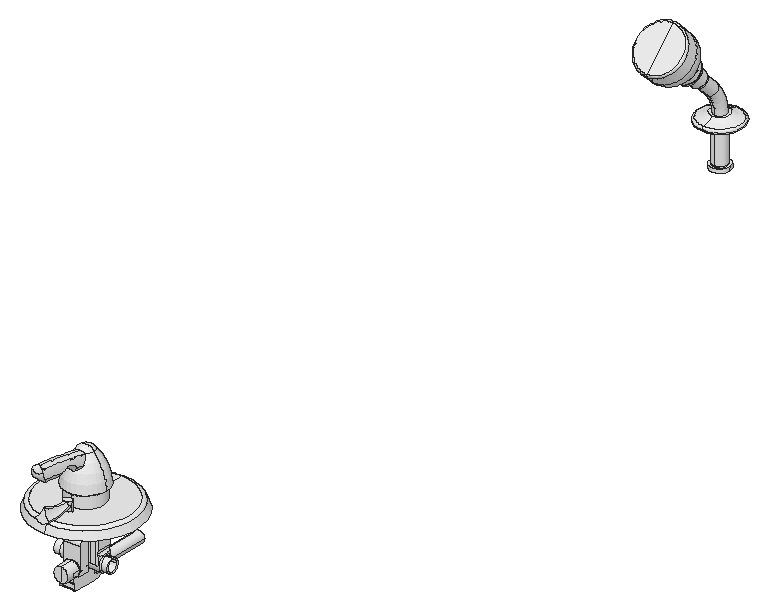
Revit family "S-9601-PLR", category Plumbing Fixtures, host Face, Revit 2019
Family settings
  Host = Face
  Round Connector Dimension = Use Diameter
  Part Type = Normal
  OmniClass Number = 23.65.70.11.11
  OmniClass Title = Fixtures for Liquids
  Cut with Voids When Loaded = No
  Shared = No
  Room Calculation Point = No
Parameters (values of type "1.2 GPM Flow Restrictor, Chrome")
  z Wide Lever = 0
  z Visibility = no
  z Valve = M Valve&diverter : Chrome
  z Type Model = 0
  z Type GPM = 0
  z Type Finish = 0
  z Type = 0
  z Slip On Tub = 0
  z Showerhead = shower head : Chrome
  z Reverse Core = 0
  z Pipe Radius = 0.000"
  z Overall Width = 0.000"
  z Overall Height = 0.000"
  z Overall Depth = 0.000"
  z Offset = 0.000"
  z Integral Service Stops = 0
  z Has Wide Lever Handle = no
  z Has Volume Control = no
  z Has Trim = no
  z Has Slip On Tub Spout = no
  z Has Showerhead = no
  z Has Reverse Core = no
  z Has Rebuild Kit Trim Only = no
  z Has Integral Service Stops = no
  z Has Check Stops = no
  z Has 2.0 GPM Flow Restrictor = no
  z Has 1.5 GPM Flow Restrictor = no
  z Has .5 Inch Female Connections = no
  z GPM Number = 0
  z GPM GPM = 0.000 GPM
  z Flow Rate = 0
  z Error Box Width = 0.000"
  z Error Box Height = 0.000"
  z Error Box Depth = 0.000"
  z .5 Inch Female Connections = 0
  z  Showerhead = 0
  Waste Connection = no
  Vent Connection = no
  URL = ""
  Product Material = Chrome - Symmons - Polished
  Model = ""
  Manufacturer = ""
  HW Connection = no
  Gallons Per Minute = 0.000 GPM
  Description = ""
  Default Elevation = 0.000"
  Date Modified = ""
  Date Created = ""
  CW Connection = no
Types (8): name | z Visibility | z Has Wide Lever Handle | z Has Volume Control | z Has Slip On Tub Spout | z Has Showerhead | z Has Reverse Core | z Has Integral Service Stops | z Has Check Stops | z Has 2.0 GPM Flow Restrictor | z Has 1.5 GPM Flow Restrictor | z Has .5 Inch Female Connections | Product Material | Gallons Per Minute
  1.2 GPM Flow Restrictor, Chrome | no | no | no | no | no | no | no | no | no | no | no | Chrome - Symmons - Polished | 0.000 GPM
  1.2 GPM Flow Restrictor, Satin Nickel | yes | yes | yes | yes | yes | yes | yes | yes | yes | yes | yes | Nickel - Symmons - Satin | 1.200 GPM
  1.5 GPM Flow Restrictor, Satin Nickel | yes | yes | yes | yes | yes | yes | yes | yes | yes | yes | yes | Nickel - Symmons - Satin | 1.500 GPM
  1.75 GPM Flow Restrictor, Satin Nickel | yes | yes | yes | yes | yes | yes | yes | yes | yes | yes | yes | Nickel - Symmons - Satin | 1.750 GPM
  2.0 GPM Flow Restrictor, Satin Nickel | yes | yes | yes | yes | yes | yes | yes | yes | yes | yes | yes | Nickel - Symmons - Satin | 0.000 GPM
  1.5 GPM Flow Restrictor, Chrome | yes | yes | yes | yes | yes | yes | yes | yes | yes | yes | yes | Chrome - Symmons - Polished | 1.500 GPM
  1.75 GPM Flow Restrictor, Chrome | yes | yes | yes | yes | yes | yes | yes | yes | yes | yes | yes | Chrome - Symmons - Polished | 1.750 GPM
  2.0 GPM Flow Restrictor, Chrome | yes | yes | yes | yes | yes | yes | yes | yes | yes | yes | yes | Chrome - Symmons - Polished | 2.000 GPM
Reference planes (in)
  plane 1 "Center (Front/Back)": y = 0
  plane 2 "Center (Elevation)": z = 0
  plane 3 "Center (Left/Right)": x = 0
  plane 4: x = -3.75
  plane 5: y = 28.5
  plane 6: x = 3.75
  plane 7: z = 0
  plane 8: z = 9.325
  plane 9: y = -12
  plane 10: y = 45
  plane 11: z = 0
Dimensions and locks (in)
  equal spacing: plane 4, plane 3 "Center (Left/Right)", plane 6
  plane 4 to plane 6 = 7.500"
  plane 5 to plane 1 "Center (Front/Back)" = 28.500"
  plane 7 to plane 2 "Center (Elevation)" = 0.000"
  plane 8 to plane 7 = 9.325"
  locked: plane 1 "Center (Front/Back)" to plane 9 at 12
  locked: plane 10 to plane 1 "Center (Front/Back)" at 45
  plane 11 to plane 7 = 0.000"
  plane 10 to plane 9 = 57.000"
  aligned and locked: plane 2 "Center (Elevation)" to host face
  aligned and locked: level to host face
Automatic sketch dimensions
  host sketch curve to host sketch curve = 7.44425"
  host sketch curve to host sketch curve = 60.71207"
Nested families (in)
  nested 1: "shower head" at (0, 44.98453, 0), type "Chrome"
    with z Pipe Radius 0.250", z Overall Width 2.500", z Overall Height 2.500", z Overall Depth 7.500", z Offset 1.000", Part Number "", Part Description "Single Mode Showerhead, 2.0 Flow Rate Restrictor, Chrome", Equipment Number ""
  nested 2: "M Valve&diverter" at (-0.00649, 0.06617, 0), type "Satin Nickel"
    with zz Length 9 4.000", zz Length 10 0.100", Part Number "3500-CYL-B", Part Description "Shower Valve System with Symmons Temptrol mixing valve,Chrome", Equipment Number ""
Connectors (in)
  piping at (-0.06456, 3.81617, -3.0625), diameter 0.5
    settings: on nested 2, index 2, connector inside diameter 24", connector length 0.000", flow factor 0, pipe flow 0.000 GPM, pressure drop 0.00 psi, fitting loss kfactor 0, connector angle 0.000°, fixture units 0, engagement length 0.000", angle of deflection 0.000°, flow configuration 0, flow direction 2, fitting loss method 0, system type 29, joint type 0, gender type 0, connector reference index -1, connector utility 0, adjustable connector no, is connector primary yes, connector description "Mixed Water Out"
  piping at (0, 44.98453, -2.375), diameter 0.5
    settings: on nested 1, index 3, connector inside diameter 24", connector length 0.000", flow factor 0, pipe flow 0.000 GPM, pressure drop 0.00 psi, fitting loss kfactor 0, connector angle 0.000°, fixture units 0, engagement length 0.000", angle of deflection 0.000°, flow configuration 0, flow direction 1, fitting loss method 0, system type 29, joint type 0, gender type 0, connector reference index -1, connector utility 0, adjustable connector no, is connector primary no, connector description "Shower Head Supply"
  piping at (-0.00649, -1.68583, -2.59375), diameter 0.5
    settings: on nested 2, index 4, connector inside diameter 24", connector length 0.000", flow factor 0, pipe flow 0.000 GPM, pressure drop 0.00 psi, fitting loss kfactor 0, connector angle 0.000°, fixture units 0, engagement length 0.000", angle of deflection 0.000°, flow configuration 0, flow direction 1, fitting loss method 0, system type 22, joint type 0, gender type 0, connector reference index -1, connector utility 0, adjustable connector no, is connector primary no, connector description "Tub Spout Supply"
  piping at (-1.50649, 0.12939, -2.3711), diameter 0.5
    settings: on nested 2, index 5, connector inside diameter 24", connector length 0.000", flow factor 0, pipe flow 0.000 GPM, pressure drop 0.00 psi, fitting loss kfactor 0, connector angle 0.000°, fixture units 0, engagement length 0.000", angle of deflection 0.000°, flow configuration 0, flow direction 1, fitting loss method 0, system type 20, joint type 0, gender type 0, connector reference index -1, connector utility 0, adjustable connector no, is connector primary no, connector description "Cold Water Supply"
  piping at (1.49351, 0.00028, -2.3711), diameter 0.5
    settings: on nested 2, index 6, connector inside diameter 24", connector length 0.000", flow factor 0, pipe flow 0.000 GPM, pressure drop 0.00 psi, fitting loss kfactor 0, connector angle 0.000°, fixture units 0, engagement length 0.000", angle of deflection 0.000°, flow configuration 0, flow direction 1, fitting loss method 0, system type 19, joint type 0, gender type 0, connector reference index -1, connector utility 0, adjustable connector no, is connector primary no, connector description "Hot Water Supply"
Definition of nested family "shower head"
  Parameters (values of type "Chrome")
    z Type GPM = 0
    z Type Flow Restrictor = 0
    z Type Finish = 0
    z Pipe Radius [instance] = 0.000"
    z Overall Width [instance] = 2.500"
    z Overall Height [instance] = 2.500"
    z Overall Depth [instance] = 7.500"
    z Offset [instance] = 1.000"
    z GPM Number = 0
    z GPM GPM = 0.000 GPM
    URL = ""
    Product Page URL = ""
    Product Material = none
    Product Documentation Link = ""
    Part Number [instance] = ""
    Part Description [instance] = ""
    Model Disclaimer = ""
    Model = ""
    Manufacturer = ""
    Gallons Per Minute = 0.000 GPM
    Family Version = ""
    Equipment Number [instance] = ""
    Equipment Abbreviation = ""
    Description = ""
    Default Elevation = 0.000"
    Date Modified = ""
    Date Created = ""
    Copyright = ""
  Types (2): name | z Pipe Radius
    Chrome | 0.000"
    Satin Nickel | 0.250"
  Reference planes (in)
    plane 1 "Center (Front/Back)": y = 0
    plane 2 "Center (Elevation)": z = 0
    plane 3 "Center (Left/Right)": x = 0
    plane 4: x = -1.25
    plane 5: y = 1.25
    plane 6: y = -1.25
    plane 7: x = 1.25
    plane 8: z = -1
    plane 9: z = 6.5
    plane 10: z = 0
    plane 11: y = -0.5
    plane 12: z = 0.33234
    plane 13: z = 0.15
    plane 14: y = -0.5695
  Forms (in)
    Extrusion 1, solid
      sketch origin (0, 0, 0) x (1, 0, 0) y (0, 1, 0)
        loop
          line (-1.75, 1.5) -> (-1.75, -1.77927) -> (1.52741, -1.77927) -> (1.52741, 1.5) -> (-1.75, 1.5)
      from 0 to -0.35383
    Revolve 2, solid, material <- "Product Material"
      sketch origin (0, 0, 0) x (0, 1, 0) y (0, 0, 1)
        loop
          line (0, 0.43) -> (-0.531, 0.43)
          arc (-0.531, 0.43) -> (-0.83077, 0.27718) -> (-1.152, 0.17705) r 1.98967
          arc (-1.152, 0.17705) -> (-1.22247, 0.13328) -> (-1.25, 0.05503) r 0.12497
          line (-1.25, 0.05503) -> (-1.25, 0) -> (-0.40524, 0) -> (-0.40524, -2.0983) -> (-0.37019, -2.11854) -> (-0.40524, -2.1364) -> (-0.40524, -2.16734) -> (-0.37033, -2.1875) -> (0, -2.1875) -> (0, 0.43)
        axis (0, -2.1875) -> (0, 0.43)
      angle from 0 to 360
    Revolve 3, solid, material <- "Product Material"
      sketch origin (0, 0, 0) x (0, 1, 0) y (0, 0, 1)
        loop
          line (-1.44893, 2.69442) -> (-4.27736, 5.52285) -> (-5.19512, 4.60509)
          arc (-5.19512, 4.60509) -> (-5.20669, 4.53512) -> (-5.17463, 4.47185) r 0.11397
          line (-5.17463, 4.47185) -> (-4.60328, 3.9005)
          arc (-4.60328, 3.9005) -> (-4.06, 3.55859) -> (-3.42138, 3.49354) r 1.40724
          arc (-3.42138, 3.49354) -> (-3.29656, 3.50007) -> (-3.18333, 3.44713) r 0.25784
          arc (-3.18333, 3.44713) -> (-3.16288, 3.42915) -> (-3.13674, 3.43676) r 0.02828
          line (-3.13674, 3.43676) -> (-3.09845, 3.47505) -> (-3.07648, 3.45308) -> (-3.11506, 3.4145) -> (-3.11506, 3.38343) -> (-3.08249, 3.416) -> (-3.02529, 3.4439) -> (-3.05483, 3.38834) -> (-3.03131, 3.36481) -> (-2.98876, 3.40736) -> (-2.96619, 3.38479) -> (-3.04685, 3.30413) -> (-2.85198, 3.10926) -> (-2.68557, 3.27567) -> (-2.66164, 3.24392) -> (-2.68364, 3.22193) -> (-2.636, 3.17429) -> (-2.67763, 3.13266) -> (-2.65558, 3.11061) -> (-2.7474, 3.01878)
          arc (-2.7474, 3.01878) -> (-2.70574, 3.00152) -> (-2.66407, 3.01878) r 0.05892
          line (-2.66407, 3.01878) -> (-2.54206, 3.14079)
          arc (-2.54206, 3.14079) -> (-2.44086, 3.09588) -> (-2.33184, 3.07652) r 0.45876
          line (-2.33184, 3.07652) -> (-2.26301, 3.00769) -> (-2.32244, 2.90048) -> (-1.92136, 2.49939) -> (-1.87345, 2.54729) -> (-1.85127, 2.52511) -> (-1.80643, 2.53464) -> (-1.81792, 2.49176) -> (-1.79616, 2.47) -> (-1.75329, 2.48149) -> (-1.76477, 2.43861) -> (-1.73476, 2.4086) -> (-1.44893, 2.69442)
        axis (-1.44893, 2.69442) -> (-4.27736, 5.52285)
      angle from 0 to 360
    Sweep 4, solid, material <- "Product Material"
      path origin (0, 0, 0) x (0, 1, 0) y (0, 0, 1)
        loop
          line (-1.4794, 2.72506) -> (-0.65089, 1.89655)
          arc (-0.65089, 1.89655) -> (-0.1891, 1.22379) -> (0, 0.43) r 2.23181
      profile origin (0, -1.06515, 2.3108) x (0, 0.707107, 0.707107) y (1, 0, 0)
        loop
          circle (-0.00012, 0) r 0.35413
    Extrusion 5, solid, material <- "Product Material"
      sketch origin (0, 0, 0) x (1, 0, 0) y (0, 1, 0)
        loop
          circle (0, 0) r 0.40524
        loop
          circle (0, 0) r 0.54462
      from -2.375 to -2.1875
  Lines and regions (in)
    Masking region 1
      outline origin (0, 0, 0) x (1, 0, 0) y (0, 0, 1)
        loop
          line (-1.25, 0) -> (-0.5, 0) -> (-0.5, -1) -> (0.5, -1) -> (0.5, 0) -> (1.25, 0) -> (1.25, 0.14959) -> (0.5695, 0.33234) -> (0.5, 0.33234) -> (0.5, 6.26256)
          spline (0.5, 6.26256) -> (0.53792, 6.27801) -> (0.5732, 6.29456) -> (0.60567, 6.31211) -> (0.63516, 6.33059) -> (0.66153, 6.3499) -> (0.68465, 6.36995) -> (0.70441, 6.39063) -> (0.72072, 6.41185) -> (0.73348, 6.43351) -> (0.74264, 6.45549) -> (0.74816, 6.47769) -> (0.75, 6.5)
          line (0.75, 6.5) -> (0.75, 7.07479) -> (1.25, 7.36347) -> (1.49591, 7.60938) -> (1.49591, 8.60938)
          spline (1.49591, 8.60938) -> (1.44494, 8.76866) -> (1.2955, 8.91709) -> (1.05777, 9.04454) -> (0.74795, 9.14235) -> (0.38717, 9.20383) -> (0, 9.2248) -> (-0.38717, 9.20383) -> (-0.74795, 9.14235) -> (-1.05777, 9.04454) -> (-1.2955, 8.91709) -> (-1.44494, 8.76866) -> (-1.49591, 8.60938)
          line (-1.49591, 8.60938) -> (-1.49591, 7.60938) -> (-1.25, 7.36347) -> (-0.75, 7.07479) -> (-0.75, 6.5)
          spline (-0.75, 6.5) -> (-0.74816, 6.47769) -> (-0.74264, 6.45549) -> (-0.73348, 6.43351) -> (-0.72072, 6.41185) -> (-0.70441, 6.39063) -> (-0.68465, 6.36995) -> (-0.66153, 6.3499) -> (-0.63516, 6.33059) -> (-0.60567, 6.31211) -> (-0.5732, 6.29456) -> (-0.53792, 6.27801) -> (-0.5, 6.26256)
          line (-0.5, 6.26256) -> (-0.5, 0.33234) -> (-0.5695, 0.33234) -> (-1.25, 0.14959) -> (-1.25, 0)
    symbolic lines, detail levels fine
      curve 1: line (-0.5, 0, 0.33234) -> (0.5, 0, 0.33234)
      curve 2: line (-1.25, 0, 0.14959) -> (1.25, 0, 0.14959)
      curve 3: spline (-0.5, 0, 6.26256) -> (-0.67885, 0, 6.36457) -> (-0.74948, 0, 6.48818) -> (-0.70063, 0, 6.61367) -> (-0.54008, 0, 6.72104) -> (-0.29343, 0, 6.79317) -> (0, 0, 6.81857) -> (0.29343, 0, 6.79317) -> (0.54008, 0, 6.72104) -> (0.70063, 0, 6.61367) -> (0.74948, 0, 6.48818) -> (0.67885, 0, 6.36457) -> (0.5, 0, 6.26256)
      curve 4: spline (-1.49591, 1.25, 7.60938) -> (-1.44494, 1.25, 7.80085) -> (-1.2955, 1.25, 7.97927) -> (-1.05777, 1.25, 8.13249) -> (-0.74795, 1.25, 8.25006) -> (-0.38717, 1.25, 8.32397) -> (0, 1.25, 8.34917) -> (0.38717, 1.25, 8.32397) -> (0.74795, 1.25, 8.25006) -> (1.05777, 1.25, 8.13249) -> (1.2955, 1.25, 7.97927) -> (1.44494, 1.25, 7.80085) -> (1.49591, 1.25, 7.60938)
      curve 5: spline (-0.5, 1.25, 6.5) -> (-0.48296, 1.25, 6.55497) -> (-0.43301, 1.25, 6.60619) -> (-0.35355, 1.25, 6.65017) -> (-0.25, 1.25, 6.68392) -> (-0.12941, 1.25, 6.70514) -> (0, 1.25, 6.71238) -> (0.12941, 1.25, 6.70514) -> (0.25, 1.25, 6.68392) -> (0.35355, 1.25, 6.65017) -> (0.43301, 1.25, 6.60619) -> (0.48296, 1.25, 6.55497) -> (0.5, 1.25, 6.5)
      curve 6: line (-0.5, 1.25, 6.5) -> (-0.5, 1.25, 6.26256)
      curve 7: line (0.5, 1.25, 6.5) -> (0.5, 1.25, 6.26256)
  Dimensions and locks (in)
    equal spacing: plane 4, plane 3 "Center (Left/Right)", plane 7
    "z Overall Width": plane 4 to plane 7
    equal spacing: plane 5, plane 1 "Center (Front/Back)", plane 6
    "z Overall Height": plane 5 to plane 6
    "z Overall Depth": plane 9 to plane 8
    plane 12 to plane 13 to plane 10 to plane 8 = 0.18234" locked, 0.150" locked, 1.000" locked
    plane 6 to plane 14 to plane 11 = 0.6805" locked, 0.0695" locked
    "z Offset": plane 2 "Center (Elevation)" to plane 8
    Masking region 1 sketch curve to Masking region 1 sketch curve to Masking region 1 sketch curve to Masking region 1 sketch curve to Masking region 1 sketch curve to plane 3 "Center (Left/Right)" to Masking region 1 sketch curve to Masking region 1 sketch curve to Masking region 1 sketch curve to Masking region 1 sketch curve to Masking region 1 sketch curve = 0.74591" locked, 0.1805" locked, 0.0695" locked, 0.000" locked, 0.500" locked, 0.500" locked, 0.000" locked, 0.0695" locked, 0.1805" locked, 0.74591" locked
    Masking region 1 sketch curve to Masking region 1 sketch curve to plane 2 "Center (Elevation)" = 0.000" locked, 0.33234" locked
    locked: curve 2 to plane 8 at 1.14959
    equal spacing: curve 1, plane 3 "Center (Left/Right)", curve 1
    locked: curve 1 to curve 1 at 1
    locked: curve 1 to plane 8 at 1.33234
    equal spacing: curve 3, plane 3 "Center (Left/Right)", curve 3
    locked: curve 3 to curve 3 at 1
    locked: curve 4 to plane 9 at 1.10938
    equal spacing: curve 4, plane 3 "Center (Left/Right)", curve 4
    locked: curve 4 to curve 4 at 2.99182
    curve 4 to curve 4 to plane 9 = 0.000" locked, 1.10938" locked
    Masking region 1 sketch curve to plane 9 to Masking region 1 sketch curve to Masking region 1 sketch curve to Masking region 1 sketch curve = 0.000" locked, 0.000" locked, 0.23744" locked, 0.000" locked
    plane 9 to curve 6 to curve 7 = 0.23744" locked, 0.000" locked
    aligned and locked: plane 2 "Center (Elevation)" to Extrusion 1
    aligned and locked: level to Extrusion 1
    aligned and locked: Revolve 2 sketch curve to plane 1 "Center (Front/Back)"
    aligned and locked: Masking region 1 sketch curve to plane 8
    aligned and locked: Masking region 1 sketch curve to plane 2 "Center (Elevation)"  (x2)
    aligned and locked: plane 7 to curve 2
    aligned and locked: plane 4 to curve 2
    aligned and locked: plane 9 to Masking region 1 sketch curve  (x2)
    aligned and locked: plane 3 "Center (Left/Right)" to Masking region 1 sketch curve  (x2)
    aligned and locked: plane 9 to curve 5  (x2)
    aligned and locked: plane 3 "Center (Left/Right)" to curve 5
    aligned and locked: plane 9 to curve 6
  Automatic sketch dimensions
    Extrusion 1 sketch curve to Extrusion 1 sketch curve = 3.27741"
    Extrusion 1 sketch curve to Extrusion 1 sketch curve = 3.27927"
    Masking region 1 sketch curve to plane 4 = 0.000"  (x2)
    Masking region 1 sketch curve to plane 7 = 0.000"  (x2)
    Masking region 1 sketch curve to Masking region 1 sketch curve = 0.14959"  (x2)
    Masking region 1 sketch curve to Masking region 1 sketch curve = 0.57479"  (x2)
    Masking region 1 sketch curve to Masking region 1 sketch curve = 0.28868"  (x2)
    Masking region 1 sketch curve to Masking region 1 sketch curve = 0.24591"  (x2)
    Masking region 1 sketch curve to Masking region 1 sketch curve = 1.000"
    curve 3 to plane 9 = 0.000"
    curve 3 to plane 3 "Center (Left/Right)" = 0.000"
    curve 3 to curve 3 = 0.250"
    curve 5 to curve 5 = 0.500"
    curve 3 to plane 9 = 0.23744"
    Revolve 2 sketch curve to level = 0.000"
    Revolve 2 sketch curve to plane 6 = 0.000"
    Revolve 2 sketch curve to plane 1 "Center (Front/Back)" = 0.000"
    Revolve 2 sketch curve to plane 6 = 0.33133"
    level to Revolve 2 sketch curve = 0.05503"
    plane 6 to Revolve 2 sketch curve = 0.12497"
    Revolve 2 sketch curve to plane 11 = 0.031"
    plane 11 to Revolve 2 sketch curve = 0.09476"
    Revolve 2 sketch curve to Revolve 2 sketch curve = 0.000"
    Revolve 2 sketch curve to Revolve 2 sketch curve = 0.03491"
    Revolve 2 sketch curve to plane 8 = 1.0983"
    Revolve 2 sketch curve to Revolve 2 sketch curve = 0.02016"
    plane 12 to Revolve 2 sketch curve = 0.09766"
    plane 12 to Revolve 2 sketch curve = 1.78751"
    Revolve 2 sketch curve to Revolve 2 sketch curve = 0.03505"
    Revolve 2 sketch curve to Revolve 2 sketch curve = 0.02024"
    Revolve 2 sketch curve to Revolve 2 sketch curve = 0.03095"
    Revolve 2 sketch curve to Revolve 2 sketch curve = 21.8125"
    plane 9 to Revolve 2 sketch curve = 79.77586"
    Revolve 2 sketch curve to Revolve 2 sketch curve = 0.03809"
    Revolve 3 sketch curve to plane 9 = 1.89491"
    Revolve 3 sketch curve to plane 6 = 3.94512"
    Revolve 3 sketch curve to plane 9 = 2.02815"
    Revolve 3 sketch curve to Revolve 3 sketch curve = 0.02049"
    Revolve 3 sketch curve to Revolve 3 sketch curve = 0.10108"
    Revolve 3 sketch curve to Revolve 3 sketch curve = 0.57135"  (x2)
    Revolve 3 sketch curve to plane 9 = 0.97715"  (x2)
    Revolve 3 sketch curve to Revolve 3 sketch curve = 0.81669"
    Revolve 3 sketch curve to Revolve 3 sketch curve = 0.67551"
    Revolve 3 sketch curve to Revolve 3 sketch curve = 1.25738"
    Revolve 3 sketch curve to Revolve 3 sketch curve = 0.18916"
    Revolve 3 sketch curve to Revolve 3 sketch curve = 0.020"  (x2)
    Revolve 3 sketch curve to Revolve 3 sketch curve = 0.02168"
    Revolve 3 sketch curve to Revolve 3 sketch curve = 0.03829"
    Revolve 3 sketch curve to Revolve 3 sketch curve = 0.03257"
    Revolve 3 sketch curve to Revolve 3 sketch curve = 0.02197"
    Revolve 3 sketch curve to Revolve 3 sketch curve = 0.02766"
    Revolve 3 sketch curve to Revolve 3 sketch curve = 0.00798"
    Revolve 3 sketch curve to Revolve 3 sketch curve = 0.02353"
    Revolve 3 sketch curve to Revolve 3 sketch curve = 0.05118"
    Revolve 3 sketch curve to Revolve 3 sketch curve = 0.03653"  (x2)
    Revolve 3 sketch curve to Revolve 3 sketch curve = 0.02257"
    Revolve 3 sketch curve to Revolve 3 sketch curve = 0.19487"
    Revolve 3 sketch curve to Revolve 3 sketch curve = 0.10458"
    Revolve 3 sketch curve to Revolve 3 sketch curve = 0.04167"  (x3)
    Revolve 3 sketch curve to Revolve 3 sketch curve = 0.02017"
    Revolve 3 sketch curve to Revolve 3 sketch curve = 0.00193"
    Revolve 3 sketch curve to Revolve 3 sketch curve = 0.02811"
    Revolve 3 sketch curve to Revolve 3 sketch curve = 0.02199"
    Revolve 3 sketch curve to Revolve 3 sketch curve = 0.02205"
    Revolve 3 sketch curve to Revolve 3 sketch curve = 0.04163"
    Revolve 3 sketch curve to Revolve 3 sketch curve = 0.09394"
    Revolve 3 sketch curve to Revolve 3 sketch curve = 0.21022"
    Revolve 3 sketch curve to Revolve 3 sketch curve = 0.0094"
    Revolve 3 sketch curve to Revolve 3 sketch curve = 0.35491"
    Revolve 3 sketch curve to Revolve 3 sketch curve = 0.06883"  (x2)
    Revolve 3 sketch curve to Revolve 3 sketch curve = 0.40108"
    Revolve 3 sketch curve to Revolve 3 sketch curve = 0.0479"
    Revolve 3 sketch curve to Revolve 3 sketch curve = 0.02219"
    Revolve 3 sketch curve to Revolve 3 sketch curve = 0.03334"  (x2)
    Revolve 3 sketch curve to Revolve 3 sketch curve = 0.01149"  (x2)
    Revolve 3 sketch curve to Revolve 3 sketch curve = 0.02176"  (x2)
    Revolve 3 sketch curve to Revolve 3 sketch curve = 0.03139"  (x2)
    Revolve 3 sketch curve to Revolve 3 sketch curve = 0.04287"  (x2)
    Revolve 3 sketch curve to Revolve 3 sketch curve = 0.03002"
    Revolve 3 sketch curve to plane 6 = 0.19893"
    Revolve 3 sketch curve to Revolve 3 sketch curve = 0.00763"
    Revolve 3 sketch curve to Revolve 3 sketch curve = 0.10722"
    Revolve 3 sketch curve to Revolve 3 sketch curve = 0.1183"
    Revolve 3 sketch curve to Revolve 3 sketch curve = 0.09048"
    Revolve 3 sketch curve to Revolve 3 sketch curve = 0.05016"
    Revolve 3 sketch curve to Revolve 3 sketch curve = 0.0335"
    Revolve 3 sketch curve to Revolve 3 sketch curve = 0.13773"
    Revolve 3 sketch curve to Revolve 3 sketch curve = 0.03175"
    Revolve 3 sketch curve to Revolve 3 sketch curve = 0.00491"
    Revolve 3 sketch curve to Revolve 3 sketch curve = 0.03106"
    Revolve 3 sketch curve to Revolve 3 sketch curve = 0.0015"
    Revolve 3 sketch curve to Revolve 3 sketch curve = 0.02226"
    Revolve 3 sketch curve to Revolve 3 sketch curve = 0.63369"
    Revolve 3 sketch curve to Revolve 3 sketch curve = 0.000"  (x3)
    Revolve 3 sketch curve to Revolve 3 sketch curve = 0.07548"
    Sweep 4 sketch curve to plane 1 "Center (Front/Back)" = 0.000"
    level to Sweep 4 sketch curve = 0.31842"
    Sweep 4 sketch curve to plane 6 = 0.97902"
    plane 6 to Sweep 4 sketch curve = 0.59911"
    Sweep 4 sketch curve to plane 6 = 0.2294"
    level to Sweep 4 sketch curve = 0.430"
    Sweep 4 sketch curve to Sweep 4 sketch curve = 0.82851"
    Sweep 4 sketch curve to plane 3 "Center (Left/Right)" = 0.000"
    profile plane to Sweep 4 sketch curve = 0.00012"
    Sweep 4 sketch curve to Sweep 4 sketch curve = 0.35413"
    Extrusion 5 sketch curve to Extrusion 5 sketch curve = 0.000"  (x2)
    plane 1 "Center (Front/Back)" to Extrusion 5 sketch curve = 0.000"
    Extrusion 5 sketch curve to plane 3 "Center (Left/Right)" = 0.000"
    radius of Extrusion 5 sketch curve = 0.40524"
    radius of Extrusion 5 sketch curve = 0.54462"
  Connectors (in)
    piping at (0, 0, -2.375), diameter 1.08
      settings: on Extrusion 5, index 1, connector inside diameter 24", connector length 0.000", flow factor 0, pipe flow 0.000 GPM, pressure drop 0.00 psi, fitting loss kfactor 0, connector angle 0.000°, fixture units 0, engagement length 0.000", angle of deflection 0.000°, flow configuration 0, flow direction 0, fitting loss method 0, system type 7, joint type 0, gender type 0, connector reference index -1, connector utility 0, adjustable connector no, is connector primary yes, connector description ""
Definition of nested family "M Valve&diverter"
  Parameters (values of type "Satin Nickel")
    zz Text 2 = "None Selected"
    zz Text 1 = "None Selected"
    zz Length 9 [instance] = 4.000"
    zz Length 10 [instance] = 0.100"
    URL = ""
    Product Page URL = ""
    Product Material = none
    Product Documentation Link = ""
    Part Number [instance] = ""
    Part Description [instance] = ""
    Model Disclaimer = ""
    Model = ""
    Manufacturer = ""
    Family Version = ""
    Equipment Number [instance] = ""
    Equipment Abbreviation = ""
    Description = ""
    Default Elevation = 0.000"
    Date Modified = ""
    Date Created = ""
    Copyright = ""
  Types (2): name | zz Length 9 | zz Length 10
    Chrome | 0.000" | 0.000"
    Satin Nickel | 4.000" | 0.100"
  Reference planes (in)
    plane 1 "Center (Front/Back)": y = 0
    plane 2 "Center (Elevation)": z = 0
    plane 3 "Center (Left/Right)": x = 0
    plane 4: x = -16
    plane 5: y = 3.75
    plane 6: y = -3.75
    plane 7: x = 16
    plane 8: z = 0
    plane 9: x = 3.25
    plane 10: x = -3.25
    plane 11: y = -5.75
  Forms (in)
    Extrusion 1, solid, material <- "Product Material"
      sketch origin (0, 0, 0) x (1, 0, 0) y (0, 1, 0)
        loop
          line (-3.25, 3.75) -> (-3.25, -3.75) -> (3.25, -3.75) -> (3.25, 3.75) -> (-3.25, 3.75)
      from 0 to -0.49403
    Revolve 2, solid, material <- "Product Material"
      sketch origin (0, 0, 0) x (0, 1, 0) y (0, 0, 1)
        loop
          arc (0.78273, -0.21014) -> (0.79592, -0.17085) -> (0.83013, -0.14747) r 0.06513
          arc (0.83013, -0.14747) -> (0.84009, -0.12344) -> (0.84348, -0.09765) r 0.09964
          line (0.84348, -0.09765) -> (0.84348, 0) -> (0, 0) -> (0, -2.3428) -> (0.57152, -2.3428) -> (0.57152, -1.79847)
          arc (0.57152, -1.79847) -> (0.58367, -1.75995) -> (0.61571, -1.73536) r 0.06717
          arc (0.61571, -1.73536) -> (0.64467, -1.71314) -> (0.65565, -1.67832) r 0.06069
          line (0.65565, -1.67832) -> (0.65565, -1.20182)
          arc (0.65565, -1.20182) -> (0.6595, -1.17998) -> (0.67059, -1.16078) r 0.06385
          arc (0.67059, -1.16078) -> (0.68279, -1.13963) -> (0.68703, -1.11559) r 0.07029
          line (0.68703, -1.11559) -> (0.68703, -0.86559)
          arc (0.68703, -0.86559) -> (0.70132, -0.82632) -> (0.72818, -0.79431) r 0.12032
          arc (0.72818, -0.79431) -> (0.74375, -0.77402) -> (0.74929, -0.74906) r 0.05908
          line (0.74929, -0.74906) -> (0.74929, -0.5749)
          arc (0.74929, -0.5749) -> (0.7572, -0.52575) -> (0.78273, -0.48301) r 0.13217
          line (0.78273, -0.48301) -> (0.78273, -0.21014)
        axis (0, 0) -> (0, -2.3428)
      angle from 0 to 360
    Extrusion 3, solid, material <- "Product Material"
      sketch origin (0, 0, 0) x (1, 0, 0) y (0, 1, 0)
        loop
          line (0.48392, 0.42426) -> (0.48392, -0.48198)
          arc (0.48392, -0.48198) -> (0.50866, -0.44973) -> (0.54744, -0.4375) r 0.0676
          line (0.54744, -0.4375) -> (0.91492, -0.4375)
          arc (0.91492, -0.4375) -> (0.98057, -0.42784) -> (1.02672, -0.38015) r 0.10307
          arc (1.02672, -0.38015) -> (1.112, 0) -> (1.02672, 0.38015) r 0.88995
          arc (1.02672, 0.38015) -> (0.97002, 0.41289) -> (0.90554, 0.42426) r 0.18853
          line (0.90554, 0.42426) -> (0.48392, 0.42426)
      from -2.3428 to -0.48301
    Extrusion 4, void
      sketch origin (0, 0, 0) x (1, 0, 0) y (0, 0, 1)
        loop
          arc (1.12128, -0.64291) -> (1.05254, -0.69934) -> (1.02672, -0.78444) r 0.15319
          line (1.02672, -0.78444) -> (1.02672, -1.625) -> (1.00118, -1.76989)
          arc (1.00118, -1.76989) -> (1.0257, -1.88053) -> (1.12128, -1.94142) r 0.14807
          line (1.12128, -1.94142) -> (1.12128, -0.64291)
      from -0.53605 to 0.48198
    Extrusion 5, solid, material <- "Product Material"
      sketch origin (0, 0, 0) x (0, 1, 0) y (0, 0, 1)
        loop
          line (-0.45569, -0.88434) -> (-0.80233, -1.04779)
          arc (-0.80233, -1.04779) -> (-0.93476, -1.17702) -> (-0.98338, -1.35555) r 0.35209
          line (-0.98338, -1.35555) -> (-0.98338, -2.36089)
          arc (-0.98338, -2.36089) -> (-1.01729, -2.59628) -> (-1.11624, -2.81253) r 0.83411
          line (-1.11624, -2.81253) -> (-0.45569, -2.81253) -> (-0.45569, -0.88434)
      from -0.48892 to 0.48392
    Revolve 6, solid, material <- "Product Material"
      sketch origin (0, 0, 0) x (1, 0, 0) y (0, 0, 1)
        loop
          line (-1.5, -2.375) -> (0, -2.375) -> (0, -1.93862) -> (-1.11556, -1.93862) -> (-1.15085, -1.99974) -> (-1.5, -1.99974) -> (-1.5, -2.375)
        axis (-1.5, -2.375) -> (0, -2.375)
      angle from 0 to 360
    Revolve 7, solid, material <- "Product Material"
      sketch origin (0, 0, 0) x (-1, 0, 0) y (0, 0, 1)
        loop
          line (-1.5, -2.375) -> (0, -2.375) -> (0, -1.93862) -> (-1.11556, -1.93862) -> (-1.15085, -1.99974) -> (-1.5, -1.99974) -> (-1.5, -2.375)
        axis (-1.5, -2.375) -> (0, -2.375)
      angle from 0 to 360
    Revolve 8, solid, material <- "Product Material"
      sketch origin (0, 0, 0) x (0, 1, 0) y (0, 0, 1)
        loop
          line (-1.752, -2.59375) -> (-0.9385, -2.59375) -> (-0.92928, -2.10687) -> (-0.9625, -2.10687)
          arc (-0.9625, -2.10687) -> (-0.98073, -2.15089) -> (-1.02475, -2.16912) r 0.06225
          line (-1.02475, -2.16912) -> (-1.752, -2.19419) -> (-1.752, -2.59375)
        axis (-1.752, -2.59375) -> (-0.92928, -2.59375)
      angle from 0 to 360
    Extrusion 9, solid, material <- "Product Material"
      sketch origin (0, 0, 0) x (0, 1, 0) y (0, 0, 1)
        loop
          arc (-1.42289, -3.00473) -> (-1.34077, -3.03875) -> (-1.30675, -3.12087) r 0.11615
          line (-1.30675, -3.12087) -> (-1.30675, -3.38372)
          arc (-1.30675, -3.38372) -> (-1.28934, -3.42574) -> (-1.24732, -3.44315) r 0.05943
          line (-1.24732, -3.44315) -> (0, -3.5)
          arc (0, -3.5) -> (0.14006, -3.49083) -> (0.27481, -3.45154) r 0.64421
          arc (0.27481, -3.45154) -> (0.43086, -3.39856) -> (0.5925, -3.36642) r 1.25845
          line (0.5925, -3.36642) -> (0.5925, -2.61642)
          arc (0.5925, -2.61642) -> (0.48406, -2.62305) -> (0.41944, -2.53572) r 0.11385
          line (0.41944, -2.53572) -> (-1.42289, -2.53572) -> (-1.42289, -3.00473)
      from -0.435 to 0.435
    Revolve 10, solid, material <- "Product Material"
      sketch origin (0, 0, 0) x (0, 1, 0) y (0, 0, 1)
        loop
          line (3.75, -2.7503) -> (1.30968, -2.7503) -> (1.30968, -2.68666) -> (1.28596, -2.66294) -> (0.03673, -2.61932) -> (0.02125, -3.0625) -> (3.75, -3.0625) -> (3.75, -2.7503)
        axis (3.75, -3.0625) -> (0.02125, -3.0625)
      angle from 0 to 360
    Extrusion 11, void
      sketch origin (0, 0, 0) x (0, 1, 0) y (0, 0, 1)
        loop
          circle (0, -2.3685) r 0.32942
      from 1.02672 to 1.55897
    Extrusion 12, void
      sketch origin (0, 0, 0) x (0, 1, 0) y (0, 0, 1)
        loop
          circle (0, -2.3685) r 0.31609
      from -1.52114 to -1.11556
    Extrusion 13, void
      sketch origin (0, 0, 0) x (1, 0, 0) y (0, 0, 1)
        loop
          circle (0, -3.0625) r 0.29035
      from -3.97508 to -1.47369
    Extrusion 14, solid, material <- "Product Material"
      sketch origin (0, 0, 0) x (1, 0, 0) y (0, 1, 0)
        loop
          arc (1.08564, 0.21875) -> (1.02508, 0.24383) -> (1, 0.30439) r 0.08564
          line (1, 0.30439) -> (1, -0.30345)
          arc (1, -0.30345) -> (1.02481, -0.24356) -> (1.0847, -0.21875) r 0.0847
          line (1.0847, -0.21875) -> (1.43326, -0.21875)
          arc (1.43326, -0.21875) -> (1.47484, -0.20186) -> (1.5, -0.16471) r 0.07721
          line (1.5, -0.16471) -> (1.5, 0.15076)
          arc (1.5, 0.15076) -> (1.48008, 0.19883) -> (1.43201, 0.21875) r 0.06799
          line (1.43201, 0.21875) -> (1.08564, 0.21875)
      from -0.65249 to -0.48301
    Extrusion 15, solid, material <- "Product Material"
      sketch origin (0, 0, 0) x (-1, 0, 0) y (0, -1, 0)
        loop
          line (1.08564, -0.21875) -> (1.43201, -0.21875)
          arc (1.43201, -0.21875) -> (1.48008, -0.19883) -> (1.5, -0.15076) r 0.06799
          line (1.5, -0.15076) -> (1.5, 0.16471)
          arc (1.5, 0.16471) -> (1.47484, 0.20186) -> (1.43326, 0.21875) r 0.07721
          line (1.43326, 0.21875) -> (1.0847, 0.21875)
          arc (1.0847, 0.21875) -> (1.02481, 0.24356) -> (1, 0.30345) r 0.0847
          line (1, 0.30345) -> (1, -0.30439)
          arc (1, -0.30439) -> (1.02508, -0.24383) -> (1.08564, -0.21875) r 0.08564
      from -0.65249 to -0.48301
    Extrusion 16, solid, material <- "Product Material", not visible
      sketch origin (1.5, 0, -2.375) x (0, 1, 0) y (0, 0, 1)
        loop
          circle (0, 0) r 0.4
      from -2.74731 to 0
    Extrusion 17, solid, material <- "Product Material"
      sketch origin (0, 0, 0) x (1, 0, 0) y (0, 0, 1)
        loop
          circle (0, -3.0625) r 0.3122
      from -3.75 to -1.30968
  Cuts and joins
    Extrusion 4, Extrusion 11, Extrusion 12 cuts Extrusion 3
    Extrusion 11, Extrusion 12 cuts Revolve 2
    Extrusion 11, Extrusion 12, Extrusion 13 cuts Revolve 6
    Extrusion 11, Extrusion 12, Extrusion 13 cuts Revolve 7
    Extrusion 11, Extrusion 12, Extrusion 13 cuts Extrusion 9
    Extrusion 11, Extrusion 12, Extrusion 13 cuts Revolve 10
    Extrusion 13 cuts Revolve 8
  Dimensions and locks (in)
    equal spacing: plane 4, plane 3 "Center (Left/Right)", plane 7, locked at 16 each
    plane 4 to plane 7 = 32.000"
    equal spacing: plane 5, plane 1 "Center (Front/Back)", plane 6
    locked: plane 5 to plane 6 at 7.5
    equal spacing: plane 10, plane 3 "Center (Left/Right)", plane 9
    locked: plane 10 to plane 9 at 6.5
    locked: plane 6 to plane 11 at 2
    aligned and locked: plane 2 "Center (Elevation)" to Extrusion 1
    aligned and locked: level to Extrusion 1
  Automatic sketch dimensions
    Extrusion 1 sketch curve to Extrusion 1 sketch curve = 6.500"
    Extrusion 1 sketch curve to Extrusion 1 sketch curve = 7.500"
    Revolve 2 sketch curve to plane 1 "Center (Front/Back)" = 0.000"  (x2)
    Revolve 2 sketch curve to level = 0.000"  (x2)
    Revolve 2 sketch curve to plane 1 "Center (Front/Back)" = 0.57152"
    Revolve 2 sketch curve to Revolve 2 sketch curve = 0.02344"
    Revolve 2 sketch curve to Revolve 2 sketch curve = 0.02178"
    Revolve 2 sketch curve to Revolve 2 sketch curve = 0.06717"
    Revolve 2 sketch curve to Revolve 2 sketch curve = 0.03891"
    Revolve 2 sketch curve to Revolve 2 sketch curve = 0.07029"
    Revolve 2 sketch curve to Revolve 2 sketch curve = 0.00318"
    Revolve 2 sketch curve to Revolve 2 sketch curve = 0.06385"
    Revolve 2 sketch curve to level = 0.09765"
    Revolve 2 sketch curve to Revolve 2 sketch curve = 0.05364"
    Revolve 2 sketch curve to Revolve 2 sketch curve = 0.05908"
    Revolve 2 sketch curve to Revolve 2 sketch curve = 0.03345"
    Revolve 2 sketch curve to Revolve 2 sketch curve = 0.11849"
    Revolve 2 sketch curve to Revolve 2 sketch curve = 0.09964"
    Revolve 2 sketch curve to Revolve 2 sketch curve = 0.06513"
    Revolve 2 sketch curve to Revolve 2 sketch curve = 0.09866"
    Revolve 2 sketch curve to Revolve 2 sketch curve = 0.11248"
    Revolve 2 sketch curve to Revolve 2 sketch curve = 0.27287"
    Revolve 2 sketch curve to Revolve 2 sketch curve = 0.08794"
    Revolve 2 sketch curve to Revolve 2 sketch curve = 0.17415"
    Revolve 2 sketch curve to Revolve 2 sketch curve = 0.11653"
    Revolve 2 sketch curve to Revolve 2 sketch curve = 0.02089"
    Revolve 2 sketch curve to Revolve 2 sketch curve = 0.250"
    Revolve 2 sketch curve to Revolve 2 sketch curve = 0.08623"
    Revolve 2 sketch curve to Revolve 2 sketch curve = 0.47651"
    Revolve 2 sketch curve to Revolve 2 sketch curve = 0.12015"
    Revolve 2 sketch curve to Revolve 2 sketch curve = 0.54433"
    Revolve 2 sketch curve to Revolve 2 sketch curve = 1.54875"
    plane 1 "Center (Front/Back)" to Extrusion 3 sketch curve = 0.000"
    plane 3 "Center (Left/Right)" to Extrusion 3 sketch curve = 0.22205"
    plane 3 "Center (Left/Right)" to Extrusion 3 sketch curve = 0.48392"
    Extrusion 3 sketch curve to Extrusion 3 sketch curve = 0.06352"
    Extrusion 3 sketch curve to Extrusion 3 sketch curve = 0.42162"
    Extrusion 3 sketch curve to Extrusion 3 sketch curve = 0.36748"
    Extrusion 3 sketch curve to Extrusion 3 sketch curve = 0.01862"
    plane 1 "Center (Front/Back)" to Extrusion 3 sketch curve = 0.33613"
    Extrusion 3 sketch curve to Extrusion 3 sketch curve = 0.10137"
    Extrusion 3 sketch curve to Extrusion 3 sketch curve = 0.04448"
    Extrusion 3 sketch curve to plane 1 "Center (Front/Back)" = 0.23573"
    Extrusion 3 sketch curve to Extrusion 3 sketch curve = 0.18853"
    Extrusion 3 sketch curve to Extrusion 3 sketch curve = 0.12119"
    plane 3 "Center (Left/Right)" to Extrusion 4 sketch curve = 1.00118"
    Extrusion 4 sketch curve to Extrusion 4 sketch curve = 0.02555"
    Extrusion 4 sketch curve to Extrusion 4 sketch curve = 0.12011"
    Extrusion 4 sketch curve to Extrusion 4 sketch curve = 0.14582"  (x2)
    Extrusion 4 sketch curve to Extrusion 4 sketch curve = 0.15319"
    Extrusion 4 sketch curve to level = 1.94142"
    Extrusion 4 sketch curve to Extrusion 4 sketch curve = 0.14489"
    Extrusion 4 sketch curve to level = 0.78444"
    plane 1 "Center (Front/Back)" to Extrusion 5 sketch curve = 1.8175"
    Extrusion 5 sketch curve to Extrusion 5 sketch curve = 0.70126"
    plane 1 "Center (Front/Back)" to Extrusion 5 sketch curve = 0.98338"
    Extrusion 5 sketch curve to Extrusion 5 sketch curve = 0.18106"
    Extrusion 5 sketch curve to Extrusion 5 sketch curve = 0.17103"
    Extrusion 5 sketch curve to Extrusion 5 sketch curve = 0.34663"
    Extrusion 5 sketch curve to level = 2.81253"
    Extrusion 5 sketch curve to Extrusion 5 sketch curve = 1.00534"
    Extrusion 5 sketch curve to Extrusion 5 sketch curve = 0.16345"
    Revolve 6 sketch curve to plane 3 "Center (Left/Right)" = 0.000"  (x2)
    Revolve 6 sketch curve to plane 3 "Center (Left/Right)" = 1.11556"
    Revolve 6 sketch curve to Revolve 6 sketch curve = 0.03529"
    Revolve 6 sketch curve to Revolve 6 sketch curve = 0.34915"
    Revolve 6 sketch curve to level = 2.375"
    Revolve 6 sketch curve to Revolve 6 sketch curve = 0.37526"
    Revolve 6 sketch curve to Revolve 6 sketch curve = 0.43638"
    Revolve 6 sketch curve to Revolve 6 sketch curve = 0.000"  (x2)
    Revolve 7 sketch curve to plane 3 "Center (Left/Right)" = 0.000"  (x2)
    Revolve 7 sketch curve to Revolve 7 sketch curve = 1.11556"
    Revolve 7 sketch curve to Revolve 7 sketch curve = 0.03529"
    Revolve 7 sketch curve to Revolve 7 sketch curve = 0.34915"
    level to Revolve 7 sketch curve = 2.375"
    Revolve 7 sketch curve to Revolve 7 sketch curve = 0.37526"
    Revolve 7 sketch curve to Revolve 7 sketch curve = 0.43638"
    Revolve 7 sketch curve to Revolve 7 sketch curve = 0.000"  (x2)
    Revolve 8 sketch curve to plane 1 "Center (Front/Back)" = 0.000"
    plane 1 "Center (Front/Back)" to Revolve 8 sketch curve = 0.92928"
    Revolve 8 sketch curve to Revolve 8 sketch curve = 0.00922"
    Revolve 8 sketch curve to Revolve 8 sketch curve = 0.03322"
    Revolve 8 sketch curve to Revolve 8 sketch curve = 0.06225"
    Revolve 8 sketch curve to Revolve 8 sketch curve = 0.72725"
    Revolve 8 sketch curve to level = 2.59375"
    Revolve 8 sketch curve to Revolve 8 sketch curve = 0.39956"
    Revolve 8 sketch curve to Revolve 8 sketch curve = 0.42463"
    Revolve 8 sketch curve to Revolve 8 sketch curve = 0.000"  (x2)
    Extrusion 9 sketch curve to plane 1 "Center (Front/Back)" = 0.000"
    plane 1 "Center (Front/Back)" to Extrusion 9 sketch curve = 1.24732"
    Extrusion 9 sketch curve to Extrusion 9 sketch curve = 0.05943"
    Extrusion 9 sketch curve to Extrusion 9 sketch curve = 0.11615"
    Extrusion 9 sketch curve to plane 1 "Center (Front/Back)" = 0.0282"
    Extrusion 9 sketch curve to plane 1 "Center (Front/Back)" = 0.41944"
    Extrusion 9 sketch curve to Extrusion 9 sketch curve = 0.11274"
    Extrusion 9 sketch curve to plane 1 "Center (Front/Back)" = 0.5925"
    Extrusion 9 sketch curve to plane 1 "Center (Front/Back)" = 0.75657"
    Extrusion 9 sketch curve to level = 4.61413"
    Extrusion 9 sketch curve to Extrusion 9 sketch curve = 1.11413"
    Extrusion 9 sketch curve to Extrusion 9 sketch curve = 0.05685"
    Extrusion 9 sketch curve to Extrusion 9 sketch curve = 0.13358"
    Extrusion 9 sketch curve to Extrusion 9 sketch curve = 0.26285"
    Extrusion 9 sketch curve to Extrusion 9 sketch curve = 0.6436"
    Extrusion 9 sketch curve to Extrusion 9 sketch curve = 0.23998"
    Extrusion 9 sketch curve to Extrusion 9 sketch curve = 0.0807"
    Revolve 10 sketch curve to plane 1 "Center (Front/Back)" = 0.000"
    Revolve 10 sketch curve to plane 5 = 0.000"  (x2)
    Revolve 10 sketch curve to plane 1 "Center (Front/Back)" = 0.02125"
    Revolve 10 sketch curve to plane 1 "Center (Front/Back)" = 0.03673"
    Revolve 10 sketch curve to Revolve 10 sketch curve = 1.24924"
    Revolve 10 sketch curve to Revolve 10 sketch curve = 0.02372"  (x2)
    Revolve 10 sketch curve to level = 3.0625"
    Revolve 10 sketch curve to Revolve 10 sketch curve = 0.3122"
    Revolve 10 sketch curve to Revolve 10 sketch curve = 0.06364"
    Revolve 10 sketch curve to Revolve 10 sketch curve = 0.000"
    Extrusion 11 sketch curve to plane 1 "Center (Front/Back)" = 0.000"
    Extrusion 11 sketch curve to level = 2.3685"
    Extrusion 12 sketch curve to plane 1 "Center (Front/Back)" = 0.000"
    Extrusion 12 sketch curve to level = 2.3685"
    Extrusion 13 sketch curve to plane 3 "Center (Left/Right)" = 0.000"
    Extrusion 13 sketch curve to level = 3.0625"
    plane 1 "Center (Front/Back)" to Extrusion 14 sketch curve = 0.30345"
    plane 3 "Center (Left/Right)" to Extrusion 14 sketch curve = 1.000"
    Extrusion 14 sketch curve to Extrusion 14 sketch curve = 0.0847"
    Extrusion 14 sketch curve to Extrusion 14 sketch curve = 0.08564"  (x2)
    Extrusion 14 sketch curve to Extrusion 14 sketch curve = 0.34155"
    Extrusion 14 sketch curve to plane 1 "Center (Front/Back)" = 0.21875"
    Extrusion 14 sketch curve to Extrusion 14 sketch curve = 0.34637"
    Extrusion 14 sketch curve to Extrusion 14 sketch curve = 0.00702"
    Extrusion 14 sketch curve to Extrusion 14 sketch curve = 0.07375"
    Extrusion 14 sketch curve to Extrusion 14 sketch curve = 0.05404"
    Extrusion 14 sketch curve to Extrusion 14 sketch curve = 0.000"
    Extrusion 15 sketch curve to plane 1 "Center (Front/Back)" = 0.30345"
    plane 3 "Center (Left/Right)" to Extrusion 15 sketch curve = 1.000"
    Extrusion 15 sketch curve to Extrusion 15 sketch curve = 0.0847"
    Extrusion 15 sketch curve to Extrusion 15 sketch curve = 0.08564"  (x2)
    Extrusion 15 sketch curve to Extrusion 15 sketch curve = 0.34155"
    plane 1 "Center (Front/Back)" to Extrusion 15 sketch curve = 0.21875"
    Extrusion 15 sketch curve to Extrusion 15 sketch curve = 0.34637"
    Extrusion 15 sketch curve to Extrusion 15 sketch curve = 0.00702"
    Extrusion 15 sketch curve to Extrusion 15 sketch curve = 0.07375"
    Extrusion 15 sketch curve to Extrusion 15 sketch curve = 0.05404"
    Extrusion 15 sketch curve to Extrusion 15 sketch curve = 0.000"
    Extrusion 17 sketch curve to plane 3 "Center (Left/Right)" = 0.000"
    Extrusion 17 sketch curve to level = 3.0625"
    radius of Extrusion 11 sketch curve = 0.32942"
    radius of Extrusion 12 sketch curve = 0.31609"
    radius of Extrusion 13 sketch curve = 0.29035"
    radius of Revolve 7 to Extrusion 16 sketch curve = 0.02474"
    radius of Extrusion 17 sketch curve = 0.3122"
  Nested families (in)
    nested 1: "diverter" at (0, 0, 0), type "Chrome"
      with zz Length 9 0.000", zz Length 10 0.100", Part Number "3500-CYL-B", Part Description "Shower Valve System with Symmons Temptrol mixing valve,Chrome", Equipment Number ""
  Connectors (in)
    piping at (0, -1.752, -2.59375), diameter 0.5
      settings: on cut or joined group of Revolve 8, Extrusion 13, index 3, connector inside diameter 24", connector length 0.000", flow factor 0, pipe flow 0.000 GPM, pressure drop 0.00 psi, fitting loss kfactor 0, connector angle 0.000°, fixture units 0, engagement length 0.000", angle of deflection 0.000°, flow configuration 0, flow direction 1, fitting loss method 0, system type 22, joint type 0, gender type 0, connector reference index -1, connector utility 0, adjustable connector no, is connector primary yes, connector description "Tub Spout Supply"
    piping at (1.5, 0, -2.375), diameter 0.5
      settings: on Extrusion 16, index 4, connector inside diameter 24", connector length 0.000", flow factor 0, pipe flow 0.000 GPM, pressure drop 0.00 psi, fitting loss kfactor 0, connector angle 0.000°, fixture units 0, engagement length 0.000", angle of deflection 0.000°, flow configuration 0, flow direction 1, fitting loss method 0, system type 20, joint type 0, gender type 0, connector reference index -1, connector utility 0, adjustable connector no, is connector primary no, connector description "Cold Water Supply"
    piping at (-1.24731, 0, -2.375), diameter 0.5
      settings: on Extrusion 16, index 5, connector inside diameter 24", connector length 0.000", flow factor 0, pipe flow 0.000 GPM, pressure drop 0.00 psi, fitting loss kfactor 0, connector angle 0.000°, fixture units 0, engagement length 0.000", angle of deflection 0.000°, flow configuration 0, flow direction 1, fitting loss method 0, system type 19, joint type 0, gender type 0, connector reference index -1, connector utility 0, adjustable connector no, is connector primary no, connector description "Hot Water Supply"
    piping at (0, 3.75, -3.0625), diameter 0.5
      settings: on Extrusion 17, index 6, connector inside diameter 24", connector length 0.000", flow factor 0, pipe flow 0.000 GPM, pressure drop 0.00 psi, fitting loss kfactor 0, connector angle 0.000°, fixture units 0, engagement length 0.000", angle of deflection 0.000°, flow configuration 0, flow direction 2, fitting loss method 0, system type 29, joint type 0, gender type 0, connector reference index -1, connector utility 0, adjustable connector no, is connector primary no, connector description "Mixed Water Out"
  Definition of nested family "diverter"
    Parameters (values of type "Satin Nickel")
      zz Text 2 = "None Selected"
      zz Text 1 = "None Selected"
      zz Length 9 [instance] = 0.000"  # constant formula
      zz Length 10 [instance] = 0.000"
      Waste Connection = no
      Vent Connection = no
      URL = ""
      Product Page URL = ""
      Product Material = none
      Product Documentation Link = ""
      Part Number [instance] = ""
      Part Description [instance] = ""
      Model Disclaimer = ""
      Model = ""
      Manufacturer = ""
      HW Connection = no
      Family Version = ""
      Equipment Number [instance] = ""
      Equipment Abbreviation = ""
      Description = ""
      Default Elevation = 0.000"  # constant formula
      Date Modified = ""
      Date Created = ""
      Copyright = ""
      CW Connection = no
    Types (3): name | zz Length 10 | URL | Product Page URL | Product Documentation Link | Part Number | Part Description | Model Disclaimer | Model | Manufacturer | Family Version | Equipment Abbreviation | Description | Date Modified | Date Created | Copyright
      Polished Chrome | 0.000" | "" | "" | "" | "" | "" | "" | "" | "" | "" | "" | "" | "" | "" | ""
      Satin Nickel | 0.000" | "" | "" | "" | "" | "" | "" | "" | "" | "" | "" | "" | "" | "" | ""
      Chrome | 0.100" | "http://www.symmons.com/" | "http://www.symmons.com/Bathroom-Products/Dia/Symmons-Dia-Shower-Valve-3500-CYL-B.aspx" | "http://www.symmons.com/~/media/Files/Symmons/Products/Dia/3500CYL_Dia_sub.pdf" | "3500-CYL-B" | "Shower Valve System with Symmons Temptrol mixing valve,Chrome" | "Contact Symmons Industries, Inc. For More Information" | "3500-CYL-B" | "Symmons Industries, Inc." | "1.0" | "SVS" | "Shower Valve System with Symmons Temptrol mixing valve,Chrome" | "January 30, 2015" | "January 30, 2015" | "©2015 Symmons Industries, Inc."
    Reference planes (in)
      plane 1 "Center (Front/Back)": y = 0
      plane 2 "Center (Elevation)": z = 0
      plane 3 "Center (Left/Right)": x = 0
      plane 4 "b1": y = -3.09246
      plane 5 "b2": y = -1.17246
    Forms (in)
      Extrusion 1, solid, material <- "Product Material", not visible
        sketch origin (0, 0, 0) x (1, 0, 0) y (0, 1, 0)
          loop
            line (-3.25, 3.75) -> (-3.25, -3.75) -> (3.25, -3.75) -> (3.25, 3.75) -> (-3.25, 3.75)
        from 0 to -0.49403
      Revolve 2, solid, material <- "Product Material"
        sketch origin (0, 0, 0) x (1, 0, 0) y (0, 0, 1)
          loop
            line (0, 1.32575) -> (0, 3.29294)
            arc (0, 3.29294) -> (-0.26223, 3.22792) -> (-0.46371, 3.04793) r 0.56132
            arc (-0.46371, 3.04793) -> (-0.97637, 2.2511) -> (-1.18004, 1.32575) r 2.68262
            line (-1.18004, 1.32575) -> (0, 1.32575)
          axis (0, 1.32575) -> (0, 3.29294)
        angle from 0 to 360
      Sweep 3, solid, material <- "Product Material"
        path origin (0, 0, 0) x (0, 1, 0) y (0, 0, 1)
          loop
            spline (-3.46104, 3.64859) -> (-2.7314, 3.54557) -> (-2.31762, 3.48227) -> (-2.05814, 3.43692) -> (-1.8128, 3.39104) -> (-1.56301, 3.34459) -> (-1.33191, 3.3037) -> (-1.12101, 3.26778) -> (-0.91375, 3.23067) -> (-0.69389, 3.18625) -> (-0.44827, 3.12911) -> (-0.15184, 3.03897) -> (0.27347, 2.83202)
        profile origin (0, -1.33191, 3.3037) x (0, 0.168931, 0.985628) y (1, 0, 0)
          loop
            arc (-0.82742, 0) -> (-0.75571, -0.21852) -> (-0.58525, -0.37291) r 0.44918
            arc (-0.58525, -0.37291) -> (-0.32566, -0.3437) -> (-0.07626, -0.26597) r 1.3764
            arc (-0.07626, -0.26597) -> (-0.01085, -0.14081) -> (0, 0) r 0.35132
            arc (0, 0) -> (-0.01085, 0.14081) -> (-0.07626, 0.26597) r 0.35132
            arc (-0.07626, 0.26597) -> (-0.32566, 0.3437) -> (-0.58525, 0.37291) r 1.3764
            arc (-0.58525, 0.37291) -> (-0.75571, 0.21852) -> (-0.82742, 0) r 0.44918
      Revolve 4, void
        sketch origin (0, 0, 0) x (0, 1, 0) y (0, 0, 1)
          loop
            arc (-0.95581, 2.28645) -> (-0.96929, 2.34342) -> (-0.98932, 2.39844) r 0.50162
            arc (-0.98932, 2.39844) -> (-1.40662, 2.81321) -> (-1.99486, 2.82526) r 0.79126
            line (-1.99486, 2.82526) -> (-2.55581, 2.71622)
            arc (-2.55581, 2.71622) -> (-2.71348, 2.71297) -> (-2.87024, 2.7302) r 1.21378
            arc (-2.87024, 2.7302) -> (-3.02083, 2.76634) -> (-3.16589, 2.82059) r 1.2673
            arc (-3.16589, 2.82059) -> (-3.37699, 3.01068) -> (-3.43607, 3.28854) r 0.45972
            arc (-3.43607, 3.28854) -> (-3.35265, 3.50817) -> (-3.1716, 3.6579) r 0.45972
            line (-3.1716, 3.6579) -> (-3.86299, 3.76709) -> (-4.02039, 2.77044) -> (-0.95581, 2.28645)
          axis (-0.79841, 3.2831) -> (-3.86299, 3.76709)
        angle from -75.816 to 75.039
      Revolve 5, solid, material <- "Product Material"
        sketch origin (0, 0, 0) x (0, 1, 0) y (0, 0, 1)
          loop
            line (0, 2.22775) -> (-0.16651, 2.22775) -> (-0.20247, 2.19179) -> (-0.20247, 1.69179) -> (-0.2295, 1.66476) -> (-0.2295, 1.57075) -> (-0.33051, 1.57075) -> (-0.33051, 1.45083) -> (-0.37303, 1.40831) -> (-0.37303, 1.37325) -> (-0.40664, 1.37325) -> (-0.48106, 1.29883) -> (-0.50016, 1.26575) -> (-0.96713, 1.26575)
            arc (-0.96713, 1.26575) -> (-1.00171, 1.25143) -> (-1.01603, 1.21685) r 0.0489
            line (-1.01603, 1.21685) -> (-1.01603, 0.54853) -> (-2.52384, 0.54853)
            arc (-2.52384, 0.54853) -> (-2.64884, 0.51387) -> (-2.73813, 0.41977) r 0.2427
            line (-2.73813, 0.41977) -> (-2.90773, 0) -> (-2.75674, 0) -> (-2.59168, 0.40853) -> (0, 0.40853) -> (0, 2.22775)
          axis (0, 2.22775) -> (0, 0)
        angle from 0 to 360
      SweptBlend 6, solid, material <- "Product Material"
        path origin (0, 0, 0) x (0, 1, 0) y (0, 0, 1)
          loop
            arc (-3.09282, 0.74881) -> (-2.1402, 0.57223) -> (-1.17226, 0.61452) r 4.27835
        profile origin (0, -3.09282, 0.74881) x (0, 0.292419, 0.95629) y (1, 0, 0)
          loop
            arc (0.57303, -0.03327) -> (0.57821, 0.00181) -> (0.5654, 0.03488) r 0.06949
            arc (0.5654, 0.03488) -> (0.29242, 0.15126) -> (0.08225, 0.36076) r 0.78406
            arc (0.08225, 0.36076) -> (0.04113, 0.36833) -> (0, 0.36076) r 0.11557
            arc (0, 0.36076) -> (-0.09235, 0.18825) -> (-0.14576, 0) r 0.91146
            arc (-0.14576, 0) -> (-0.09235, -0.18825) -> (0, -0.36076) r 0.91146
            arc (0, -0.36076) -> (0.04113, -0.36833) -> (0.08225, -0.36076) r 0.11557
            arc (0.08225, -0.36076) -> (0.29566, -0.14909) -> (0.57303, -0.03327) r 0.78406
        end profile origin (0, -1.17226, 0.61452) x (0, -0.156483, 0.987681) y (1, 0, 0)
          loop
            arc (0.35992, 0.08394) -> (0.30514, 0.12677) -> (0.25389, 0.17377) r 0.88406
            arc (0.25389, 0.17377) -> (0.20384, 0.19293) -> (0.15477, 0.17137) r 0.07051
            arc (0.15477, 0.17137) -> (0.12345, 0.08716) -> (0.10163, 0) r 0.81146
            arc (0.10163, 0) -> (0.12345, -0.08716) -> (0.15477, -0.17137) r 0.81146
            arc (0.15477, -0.17137) -> (0.20384, -0.19293) -> (0.25389, -0.17377) r 0.07051
            arc (0.25389, -0.17377) -> (0.30514, -0.12677) -> (0.35992, -0.08394) r 0.88406
            arc (0.35992, -0.08394) -> (0.39083, 0) -> (0.35992, 0.08394) r 0.12942
      Extrusion 7, solid, material <- "Product Material"
        sketch origin (0, 0, 0.00781) x (1, 0, 0) y (0, 1, 0)
          loop
            circle (0, -1.2535) r 0.22579
        from 0.41977 to 0.99554
    Cuts and joins
      Revolve 4 cuts Sweep 3
      joined: SweptBlend 6, Extrusion 7
    Dimensions and locks (in)
      aligned and locked: plane 2 "Center (Elevation)" to Extrusion 1
      aligned and locked: level to Extrusion 1
